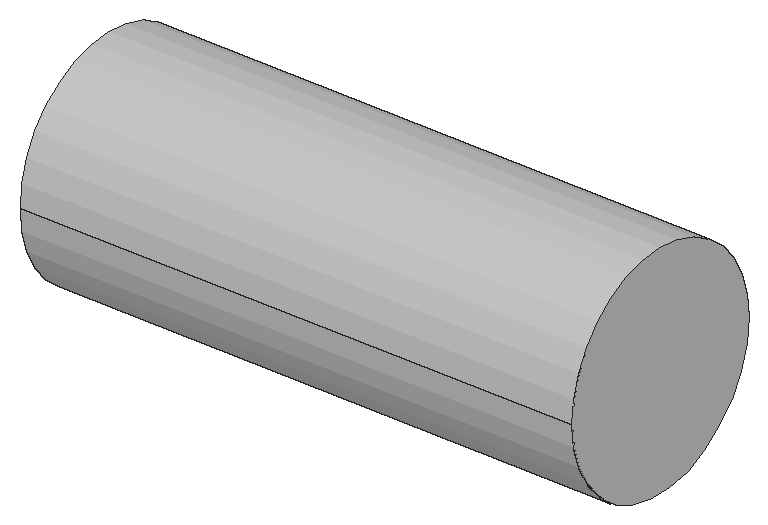
Revit family "SOFiSTiK_Muffe_Geschraubt_Geschraubt", category Verbindungsmittel, Revit 2023
Family settings
  Arbeitsebenenbasiert = Nein
  Immer vertikal = Nein
  Beim Laden mit Abzugskörper schneiden = Nein
  Gemeinsam genutzt = Nein
  An Ansicht ausrichten = Ja
Parameters (values of type "Ø14")
  Stabgröße 2 = ø14, Dmin=4ϕ
  Stabgröße 1 = ø14, Dmin=4ϕ
  SOFiSTiK_Symbol_ID = "General"  # constant formula
  SOFiSTiK_Identifier = "RC_Rebar_Coupler"  # constant formula
  Modell = "Standardmuffe"
  Material = Baustahl - S 235
  Körper = 0,13 kg
  Hersteller = "Hersteller"
  Gesamtlänge = 55 mm
  Endenbearbeitung 2 = SOFiSTiK_Gewinde
  Endenbearbeitung 1 = SOFiSTiK_Gewinde
  Einfassung Stab 2 = Einfassung Stab 1  # 21 mm
  Einfassung Stab 1 = 21 mm
  Bauelement = "M"
  Außendurchmesser = 22 mm
Types (12, lengths in mm): name | Stabgröße 2 | Stabgröße 1 | Körper | Gesamtlänge | Einfassung Stab 2 | Einfassung Stab 1 | Außendurchmesser
  (no name) | ø14, Dmin=4ϕ | ø14, Dmin=4ϕ | 0.13 (stored number, unit not read) | 55 | 0.068898 (stored number, unit not read) | 0.068898 (stored number, unit not read) | 22
  Ø6 | ø6, Dmin=4ϕ | ø6, Dmin=4ϕ | 0,07 kg | 41 | 15 mm | 15 mm | 14
  Ø8 | ø8, Dmin=4ϕ | ø8, Dmin=4ϕ | 0,07 kg | 41 | 15 mm | 15 mm | 14
  Ø10 | ø10, Dmin=4ϕ | ø10, Dmin=4ϕ | 0,07 kg | 48 | 18 mm | 18 mm | 17
  Ø12 | ø12, Dmin=4ϕ | ø12, Dmin=4ϕ | 0,06 kg | 49 | 18 mm | 18 mm | 17
  Ø14 | ø14, Dmin=4ϕ | ø14, Dmin=4ϕ | 0,13 kg | 55 | 21 mm | 21 mm | 22
  Ø16 | ø16, Dmin=4ϕ | ø16, Dmin=4ϕ | 0,13 kg | 61 | 24 mm | 24 mm | 22
  Ø20 | ø20, Dmin=7ϕ | ø20, Dmin=7ϕ | 0,27 kg | 71 | 29 mm | 29 mm | 27
  Ø25 | ø25, Dmin=7ϕ | ø25, Dmin=7ϕ | 0,36 kg | 96 | 41 mm | 41 mm | 33
  Ø28 | ø28, Dmin=7ϕ | ø28, Dmin=7ϕ | 0,36 kg | 101 | 43 mm | 43 mm | 37
  Ø32 | ø32, Dmin=7ϕ | ø32, Dmin=7ϕ | 0,36 kg | 107 | 46 mm | 46 mm | 42
  Ø40 | ø40, Dmin=7ϕ | ø40, Dmin=7ϕ | 0,36 kg | 131 | 58 mm | 58 mm | 52
Reference planes
  plane 1: y = 0
  plane 2: z = 0
  plane 3 "Mitte (Links/rechts)": x = 0
  plane 4: x = -27.5
  plane 5: x = 27.5
  plane 6: y = 11
  plane 7: y = -11
Forms (mm)
  Extrusion 1, solid, material "Baustahl - S 235" <- "Material"
    sketch origin (0, 0, 0) x (0, 1, 0) y (0, 0, 1)
      loop
        circle (0, 0) r 11
    from -27.5 to 27.5
Lines and regions (mm)
  symbolic lines
    curve 1: line (-27.5, 11, 0) -> (27.5, 11, 0)
    curve 2: line (-27.5, -11, 0) -> (-27.5, 11, 0)
    curve 3: line (27.5, -11, 0) -> (-27.5, -11, 0)
    curve 4: line (27.5, 11, 0) -> (27.5, -11, 0)
Dimensions and locks
  equal spacing: plane 4, plane 3 "Mitte (Links/rechts)", plane 5
  "Gesamtlänge": plane 4 to plane 5
  equal spacing: plane 6, plane 1, plane 7
  "Außendurchmesser": plane 6 to plane 7
  "Außendurchmesser": diameter of Extrusion 1 sketch curve
  aligned and locked: Extrusion 1 to plane 4
  aligned and locked: plane 5 to Extrusion 1
  aligned and locked: plane 4 to curve 2
  aligned and locked: curve 4 to plane 5
  aligned and locked: curve 1 to plane 6
  aligned and locked: plane 7 to curve 3
Automatic sketch dimensions
  Extrusion 1 sketch curve to level = 0 mm
  Extrusion 1 sketch curve to plane 1 = 0 mm
